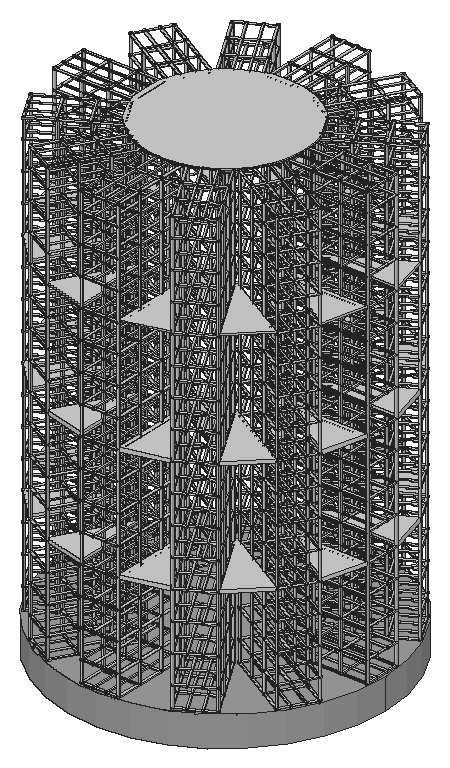
Revit family "WD", category Specialty Equipment, Revit 2012
Parameters (values of type "Circular Wire Wine Display (Default)")
  URL = "http://www.madixinc.com/display/maxiline/wirewine/index.html"
  Model = "Circular Wire Wine Display"
  Manufacturer = "© 2012 Madix, Inc. All rights reserved."
Reference planes (in)
  plane 1 "Center (Front/Back)": y = 0
  plane 2: z = 0
  plane 3 "Center (Left/Right)": x = 0
  plane 4: x = 2.5
  plane 5: x = -2.5
  plane 6: through (0, 0, 48) normal (0.866, -0.5, 0)
  plane 7: y = -2.5
  plane 8: y = 2.5
  plane 9: through (0, 0, 48) normal (0.5, -0.866, 0)
  plane 10: through (0, 0, 48) normal (0.5, 0.866, 0)
  plane 11: through (0, 0, 48) normal (0.866, 0.5, 0)
  plane 12: through (2.16506, -1.25, 48) normal (0.866, -0.5, 0)
  plane 13: through (-2.16506, 1.25, 48) normal (0.866, -0.5, 0)
  plane 14: through (1.25, -2.16506, 48) normal (0.5, -0.866, 0)
  plane 15: through (-1.25, 2.16506, 48) normal (0.5, -0.866, 0)
  plane 16: through (-2.16506, -1.25, 48) normal (0.866, 0.5, 0)
  plane 17: through (2.16506, 1.25, 48) normal (0.866, 0.5, 0)
  plane 18: through (-1.25, -2.16506, 48) normal (0.5, 0.866, 0)
  plane 19: through (1.25, 2.16506, 48) normal (0.5, 0.866, 0)
  plane 20: z = 62
  plane 21: z = 62.125
  plane 22: z = 4
  plane 23: z = 18.5
  plane 24: z = 33
  plane 25: z = 48
  plane 26: z = 48.5
  plane 27: z = 33.5
  plane 28: z = 18
Forms (in)
  Extrusion 1, solid, material "Wood"
    sketch origin (0, 0, 0) x (1, 0, 0) y (0, 1, 0)
      loop
        circle (0, 0) r 21
    from 0 to 4
  Extrusion 2, solid, material "Metal - Steel"
    sketch origin (0, 0, 0) x (1, 0, 0) y (0, 1, 0)
      loop
        circle (0, 0) r 10.46685
    from 62 to 62.125
  Extrusion 3, solid, material "Metal - Steel"
    sketch origin (0, 0, 0) x (1, 0, 0) y (0, 1, 0)
      loop
        line (-9.85868, -2.80516) -> (-9.94045, -2.5) -> (-20.59885, -2.5) -> (-19.08912, -8.13436) -> (-9.85868, -2.80516)
      loop
        line (-7.35868, -7.13529) -> (-16.58912, -12.46449) -> (-12.46449, -16.58912) -> (-7.13529, -7.35868) -> (-7.35868, -7.13529)
      loop
        line (-2.5, -9.94045) -> (-2.80516, -9.85868) -> (-8.13436, -19.08912) -> (-2.5, -20.59885) -> (-2.5, -9.94045)
      loop
        line (2.5, -9.94045) -> (2.5, -20.59885) -> (8.13436, -19.08912) -> (2.80516, -9.85868) -> (2.5, -9.94045)
      loop
        line (7.35868, -7.13529) -> (7.13529, -7.35868) -> (12.46449, -16.58912) -> (16.58912, -12.46449) -> (7.35868, -7.13529)
      loop
        line (9.85868, -2.80516) -> (19.08912, -8.13436) -> (20.59885, -2.5) -> (9.94045, -2.5) -> (9.85868, -2.80516)
      loop
        line (9.85868, 2.80516) -> (9.94045, 2.5) -> (20.59885, 2.5) -> (19.08912, 8.13436) -> (9.85868, 2.80516)
      loop
        line (7.35868, 7.13529) -> (16.58912, 12.46449) -> (12.46449, 16.58912) -> (7.13529, 7.35868) -> (7.35868, 7.13529)
      loop
        line (2.5, 9.94045) -> (2.80516, 9.85868) -> (8.13436, 19.08912) -> (2.5, 20.59885) -> (2.5, 9.94045)
      loop
        line (-2.5, 9.94045) -> (-2.5, 20.59885) -> (-8.13436, 19.08912) -> (-2.80516, 9.85868) -> (-2.5, 9.94045)
      loop
        line (-7.35868, 7.13529) -> (-7.13529, 7.35868) -> (-12.46449, 16.58912) -> (-16.58912, 12.46449) -> (-7.35868, 7.13529)
      loop
        line (-9.85868, 2.80516) -> (-19.08912, 8.13436) -> (-20.59885, 2.5) -> (-9.94045, 2.5) -> (-9.85868, 2.80516)
    from 48.2674 to 48.5
  Extrusion 4, solid, material "Metal - Steel"
    sketch origin (0, 0, 0) x (1, 0, 0) y (0, 1, 0)
      loop
        line (-9.85868, 2.80516) -> (-19.08912, 8.13436) -> (-20.59885, 2.5) -> (-9.94045, 2.5) -> (-9.85868, 2.80516)
      loop
        line (-7.35868, 7.13529) -> (-7.13529, 7.35868) -> (-12.46449, 16.58912) -> (-16.58912, 12.46449) -> (-7.35868, 7.13529)
      loop
        line (-2.5, 9.94045) -> (-2.5, 20.59885) -> (-8.13436, 19.08912) -> (-2.80516, 9.85868) -> (-2.5, 9.94045)
      loop
        line (2.5, 9.94045) -> (2.80516, 9.85868) -> (8.13436, 19.08912) -> (2.5, 20.59885) -> (2.5, 9.94045)
      loop
        line (7.35868, 7.13529) -> (16.58912, 12.46449) -> (12.46449, 16.58912) -> (7.13529, 7.35868) -> (7.35868, 7.13529)
      loop
        line (9.85868, 2.80516) -> (9.94045, 2.5) -> (20.59885, 2.5) -> (19.08912, 8.13436) -> (9.85868, 2.80516)
      loop
        line (9.85868, -2.80516) -> (19.08912, -8.13436) -> (20.59885, -2.5) -> (9.94045, -2.5) -> (9.85868, -2.80516)
      loop
        line (7.35868, -7.13529) -> (7.13529, -7.35868) -> (12.46449, -16.58912) -> (16.58912, -12.46449) -> (7.35868, -7.13529)
      loop
        line (2.5, -9.94045) -> (2.5, -20.59885) -> (8.13436, -19.08912) -> (2.80516, -9.85868) -> (2.5, -9.94045)
      loop
        line (-2.5, -9.94045) -> (-2.80516, -9.85868) -> (-8.13436, -19.08912) -> (-2.5, -20.59885) -> (-2.5, -9.94045)
      loop
        line (-7.35868, -7.13529) -> (-16.58912, -12.46449) -> (-12.46449, -16.58912) -> (-7.13529, -7.35868) -> (-7.35868, -7.13529)
      loop
        line (-9.85868, -2.80516) -> (-9.94045, -2.5) -> (-20.59885, -2.5) -> (-19.08912, -8.13436) -> (-9.85868, -2.80516)
    from 33.5 to 33
  Extrusion 5, solid, material "Metal - Steel"
    sketch origin (0, 0, 0) x (1, 0, 0) y (0, 1, 0)
      loop
        line (-12.46449, 16.58912) -> (-16.58912, 12.46449) -> (-7.35868, 7.13529) -> (-7.13529, 7.35868) -> (-12.46449, 16.58912)
      loop
        line (-8.13436, 19.08912) -> (-2.80516, 9.85868) -> (-2.5, 9.94045) -> (-2.5, 20.59885) -> (-8.13436, 19.08912)
      loop
        line (8.13436, 19.08912) -> (2.5, 20.59885) -> (2.5, 9.94045) -> (2.80516, 9.85868) -> (8.13436, 19.08912)
      loop
        line (12.46449, 16.58912) -> (7.13529, 7.35868) -> (7.35868, 7.13529) -> (16.58912, 12.46449) -> (12.46449, 16.58912)
      loop
        line (20.59885, 2.5) -> (19.08912, 8.13436) -> (9.85868, 2.80516) -> (9.94045, 2.5) -> (20.59885, 2.5)
      loop
        line (20.59885, -2.5) -> (9.94045, -2.5) -> (9.85868, -2.80516) -> (19.08912, -8.13436) -> (20.59885, -2.5)
      loop
        line (12.46449, -16.58912) -> (16.58912, -12.46449) -> (7.35868, -7.13529) -> (7.13529, -7.35868) -> (12.46449, -16.58912)
      loop
        line (8.13436, -19.08912) -> (2.80516, -9.85868) -> (2.5, -9.94045) -> (2.5, -20.59885) -> (8.13436, -19.08912)
      loop
        line (-8.13436, -19.08912) -> (-2.5, -20.59885) -> (-2.5, -9.94045) -> (-2.80516, -9.85868) -> (-8.13436, -19.08912)
      loop
        line (-12.46449, -16.58912) -> (-7.13529, -7.35868) -> (-7.35868, -7.13529) -> (-16.58912, -12.46449) -> (-12.46449, -16.58912)
      loop
        line (-20.59885, -2.5) -> (-19.08912, -8.13436) -> (-9.85868, -2.80516) -> (-9.94045, -2.5) -> (-20.59885, -2.5)
      loop
        line (-20.59885, 2.5) -> (-9.94045, 2.5) -> (-9.85868, 2.80516) -> (-19.08912, 8.13436) -> (-20.59885, 2.5)
    from 18 to 18.5
  Extrusion 6, solid, material "Metal - Steel"
    sketch origin (0, 0, 0) x (1, 0, 0) y (0, 1, 0)
      loop
        circle (7.08953, 7.52943) r 0.125
      loop
        circle (12.30113, 16.55618) r 0.125
      loop
        circle (10.55113, 13.52509) r 0.125
      loop
        circle (8.77703, 10.45227) r 0.125
      loop
        circle (2.97591, 9.90443) r 0.125
      loop
        circle (8.18751, 18.93118) r 0.125
      loop
        circle (6.43751, 15.90009) r 0.125
      loop
        circle (4.66341, 12.82727) r 0.125
      loop
        circle (-7.08953, 7.52943) r 0.125
      loop
        circle (-12.30113, 16.55618) r 0.125
      loop
        circle (-10.55113, 13.52509) r 0.125
      loop
        circle (-8.77703, 10.45227) r 0.125
      loop
        circle (-2.97591, 9.90443) r 0.125
      loop
        circle (-8.18751, 18.93118) r 0.125
      loop
        circle (-6.43751, 15.90009) r 0.125
      loop
        circle (-4.66341, 12.82727) r 0.125
      loop
        circle (7.08953, -7.52943) r 0.125
      loop
        circle (12.30113, -16.55618) r 0.125
      loop
        circle (10.55113, -13.52509) r 0.125
      loop
        circle (8.77703, -10.45227) r 0.125
      loop
        circle (2.97591, -9.90443) r 0.125
      loop
        circle (8.18751, -18.93118) r 0.125
      loop
        circle (6.43751, -15.90009) r 0.125
      loop
        circle (4.66341, -12.82727) r 0.125
      loop
        circle (-7.08953, -7.52943) r 0.125
      loop
        circle (-12.30113, -16.55618) r 0.125
      loop
        circle (-10.55113, -13.52509) r 0.125
      loop
        circle (-8.77703, -10.45227) r 0.125
      loop
        circle (-2.97591, -9.90443) r 0.125
      loop
        circle (-8.18751, -18.93118) r 0.125
      loop
        circle (-6.43751, -15.90009) r 0.125
      loop
        circle (-4.66341, -12.82727) r 0.125
      loop
        circle (-10.06545, -2.375) r 0.125
      loop
        circle (-20.48863, -2.375) r 0.125
      loop
        circle (-16.98863, -2.375) r 0.125
      loop
        circle (-13.44045, -2.375) r 0.125
      loop
        circle (-10.06545, 2.375) r 0.125
      loop
        circle (-20.48863, 2.375) r 0.125
      loop
        circle (-16.98863, 2.375) r 0.125
      loop
        circle (-13.44045, 2.375) r 0.125
      loop
        circle (10.06545, -2.375) r 0.125
      loop
        circle (20.48863, -2.375) r 0.125
      loop
        circle (16.98863, -2.375) r 0.125
      loop
        circle (13.44045, -2.375) r 0.125
      loop
        circle (10.06545, 2.375) r 0.125
      loop
        circle (20.48863, 2.375) r 0.125
      loop
        circle (16.98863, 2.375) r 0.125
      loop
        circle (13.44045, 2.375) r 0.125
      loop
        circle (-9.92293, -2.98659) r 0.125
      loop
        circle (-18.94968, -8.19819) r 0.125
      loop
        circle (-15.91859, -6.44819) r 0.125
      loop
        circle (-12.84577, -4.67409) r 0.125
      loop
        circle (-7.54793, -7.10021) r 0.125
      loop
        circle (-16.57468, -12.31181) r 0.125
      loop
        circle (-13.54359, -10.56181) r 0.125
      loop
        circle (-10.47077, -8.78771) r 0.125
      loop
        circle (2.375, -10.08681) r 0.125
      loop
        circle (2.375, -20.50999) r 0.125
      loop
        circle (2.375, -17.00999) r 0.125
      loop
        circle (2.375, -13.46181) r 0.125
      loop
        circle (-2.375, -10.08681) r 0.125
      loop
        circle (-2.375, -20.50999) r 0.125
      loop
        circle (-2.375, -17.00999) r 0.125
      loop
        circle (-2.375, -13.46181) r 0.125
      loop
        circle (7.54793, -7.10021) r 0.125
      loop
        circle (16.57468, -12.31181) r 0.125
      loop
        circle (13.54359, -10.56181) r 0.125
      loop
        circle (10.47077, -8.78771) r 0.125
      loop
        circle (9.92293, -2.98659) r 0.125
      loop
        circle (18.94968, -8.19819) r 0.125
      loop
        circle (15.91859, -6.44819) r 0.125
      loop
        circle (12.84577, -4.67409) r 0.125
      loop
        circle (7.54793, 7.10021) r 0.125
      loop
        circle (16.57468, 12.31181) r 0.125
      loop
        circle (13.54359, 10.56181) r 0.125
      loop
        circle (10.47077, 8.78771) r 0.125
      loop
        circle (9.92293, 2.98659) r 0.125
      loop
        circle (18.94968, 8.19819) r 0.125
      loop
        circle (15.91859, 6.44819) r 0.125
      loop
        circle (12.84577, 4.67409) r 0.125
      loop
        circle (2.375, 10.08681) r 0.125
      loop
        circle (2.375, 20.50999) r 0.125
      loop
        circle (2.375, 17.00999) r 0.125
      loop
        circle (2.375, 13.46181) r 0.125
      loop
        circle (-2.375, 10.08681) r 0.125
      loop
        circle (-2.375, 20.50999) r 0.125
      loop
        circle (-2.375, 17.00999) r 0.125
      loop
        circle (-2.375, 13.46181) r 0.125
      loop
        circle (-9.92293, 2.98659) r 0.125
      loop
        circle (-18.94968, 8.19819) r 0.125
      loop
        circle (-15.91859, 6.44819) r 0.125
      loop
        circle (-12.84577, 4.67409) r 0.125
      loop
        circle (-7.54793, 7.10021) r 0.125
      loop
        circle (-16.57468, 12.31181) r 0.125
      loop
        circle (-13.54359, 10.56181) r 0.125
      loop
        circle (-10.47077, 8.78771) r 0.125
    from 4 to 62
  Sweep 7, solid, material "Metal - Steel"
    path origin (0, 0, 0) x (1, 0, 0) y (0, 1, 0)
      loop
        line (-2.5, 20.59885) -> (2.5, 20.59885)
    profile origin (0, 20.59885, 0) x (0, 1, 0) y (0, 0, 1)
      loop
        circle (-10.51322, 4.125) r 0.125
      loop
        circle (-7.01322, 4.125) r 0.12412
      loop
        circle (-3.46385, 4.125) r 0.125
      loop
        circle (-0.08885, 4.125) r 0.125
      loop
        circle (-10.51322, 6.875) r 0.125
      loop
        circle (-7.01322, 6.875) r 0.12412
      loop
        circle (-3.46385, 6.875) r 0.125
      loop
        circle (-0.08885, 6.875) r 0.125
      loop
        circle (-10.51322, 10.625) r 0.125
      loop
        circle (-7.01322, 10.625) r 0.12412
      loop
        circle (-3.46385, 10.625) r 0.125
      loop
        circle (-0.08885, 10.625) r 0.125
      loop
        circle (-10.51322, 14.375) r 0.125
      loop
        circle (-7.01322, 14.375) r 0.12412
      loop
        circle (-3.46385, 14.375) r 0.125
      loop
        circle (-0.08885, 14.375) r 0.125
      loop
        circle (-10.51322, 18.125) r 0.125
      loop
        circle (-7.01322, 18.125) r 0.12412
      loop
        circle (-3.46385, 18.125) r 0.125
      loop
        circle (-0.08885, 18.125) r 0.125
      loop
        circle (-10.51322, 21.875) r 0.125
      loop
        circle (-7.01322, 21.875) r 0.12412
      loop
        circle (-3.46385, 21.875) r 0.125
      loop
        circle (-0.08885, 21.875) r 0.125
      loop
        circle (-10.51322, 25.625) r 0.125
      loop
        circle (-7.01322, 25.625) r 0.12412
      loop
        circle (-3.46385, 25.625) r 0.125
      loop
        circle (-0.08885, 25.625) r 0.125
      loop
        circle (-10.51322, 29.375) r 0.125
      loop
        circle (-7.01322, 29.375) r 0.12412
      loop
        circle (-3.46385, 29.375) r 0.125
      loop
        circle (-0.08885, 29.375) r 0.125
      loop
        circle (-10.51322, 33.125) r 0.125
      loop
        circle (-7.01322, 33.125) r 0.12412
      loop
        circle (-3.46385, 33.125) r 0.125
      loop
        circle (-0.08885, 33.125) r 0.125
      loop
        circle (-10.51322, 36.875) r 0.125
      loop
        circle (-7.01322, 36.875) r 0.12412
      loop
        circle (-3.46385, 36.875) r 0.125
      loop
        circle (-0.08885, 36.875) r 0.125
      loop
        circle (-10.51322, 40.625) r 0.125
      loop
        circle (-7.01322, 40.625) r 0.12412
      loop
        circle (-3.46385, 40.625) r 0.125
      loop
        circle (-0.08885, 40.625) r 0.125
      loop
        circle (-10.51322, 44.375) r 0.125
      loop
        circle (-7.01322, 44.375) r 0.12412
      loop
        circle (-3.46385, 44.375) r 0.125
      loop
        circle (-0.08885, 44.375) r 0.125
      loop
        circle (-10.51322, 48.125) r 0.125
      loop
        circle (-7.01322, 48.125) r 0.12412
      loop
        circle (-3.46385, 48.125) r 0.125
      loop
        circle (-0.08885, 48.125) r 0.125
      loop
        circle (-10.51322, 51.875) r 0.125
      loop
        circle (-7.01322, 51.875) r 0.12412
      loop
        circle (-3.46385, 51.875) r 0.125
      loop
        circle (-0.08885, 51.875) r 0.125
      loop
        circle (-10.51322, 55.625) r 0.125
      loop
        circle (-7.01322, 55.625) r 0.12412
      loop
        circle (-3.46385, 55.625) r 0.125
      loop
        circle (-0.08885, 55.625) r 0.125
      loop
        circle (-10.51322, 59.375) r 0.125
      loop
        circle (-7.01322, 59.375) r 0.12412
      loop
        circle (-3.46385, 59.375) r 0.125
      loop
        circle (-0.08885, 59.375) r 0.125
      loop
        circle (-10.51322, 61.875) r 0.125
      loop
        circle (-7.01322, 61.875) r 0.12412
      loop
        circle (-3.46385, 61.875) r 0.125
      loop
        circle (-0.08885, 61.875) r 0.125
  Sweep 8, solid, material "Metal - Steel"
    path origin (0.01032, -0.01787, 0) x (0.866025, 0.5, 0) y (-0.5, 0.866025, 0)
      loop
        line (-2.5, 20.59885) -> (2.5, 20.59885)
    profile origin (-10.28911, 17.82125, 0) x (-0.5, 0.866025, 0) y (0, 0, 1)
      loop
        circle (-10.51322, 4.125) r 0.125
      loop
        circle (-7.01322, 4.125) r 0.12412
      loop
        circle (-3.46385, 4.125) r 0.125
      loop
        circle (-0.08885, 4.125) r 0.125
      loop
        circle (-10.51322, 6.875) r 0.125
      loop
        circle (-7.01322, 6.875) r 0.12412
      loop
        circle (-3.46385, 6.875) r 0.125
      loop
        circle (-0.08885, 6.875) r 0.125
      loop
        circle (-10.51322, 10.625) r 0.125
      loop
        circle (-7.01322, 10.625) r 0.12412
      loop
        circle (-3.46385, 10.625) r 0.125
      loop
        circle (-0.08885, 10.625) r 0.125
      loop
        circle (-10.51322, 14.375) r 0.125
      loop
        circle (-7.01322, 14.375) r 0.12412
      loop
        circle (-3.46385, 14.375) r 0.125
      loop
        circle (-0.08885, 14.375) r 0.125
      loop
        circle (-10.51322, 18.125) r 0.125
      loop
        circle (-7.01322, 18.125) r 0.12412
      loop
        circle (-3.46385, 18.125) r 0.125
      loop
        circle (-0.08885, 18.125) r 0.125
      loop
        circle (-10.51322, 21.875) r 0.125
      loop
        circle (-7.01322, 21.875) r 0.12412
      loop
        circle (-3.46385, 21.875) r 0.125
      loop
        circle (-0.08885, 21.875) r 0.125
      loop
        circle (-10.51322, 25.625) r 0.125
      loop
        circle (-7.01322, 25.625) r 0.12412
      loop
        circle (-3.46385, 25.625) r 0.125
      loop
        circle (-0.08885, 25.625) r 0.125
      loop
        circle (-10.51322, 29.375) r 0.125
      loop
        circle (-7.01322, 29.375) r 0.12412
      loop
        circle (-3.46385, 29.375) r 0.125
      loop
        circle (-0.08885, 29.375) r 0.125
      loop
        circle (-10.51322, 33.125) r 0.125
      loop
        circle (-7.01322, 33.125) r 0.12412
      loop
        circle (-3.46385, 33.125) r 0.125
      loop
        circle (-0.08885, 33.125) r 0.125
      loop
        circle (-10.51322, 36.875) r 0.125
      loop
        circle (-7.01322, 36.875) r 0.12412
      loop
        circle (-3.46385, 36.875) r 0.125
      loop
        circle (-0.08885, 36.875) r 0.125
      loop
        circle (-10.51322, 40.625) r 0.125
      loop
        circle (-7.01322, 40.625) r 0.12412
      loop
        circle (-3.46385, 40.625) r 0.125
      loop
        circle (-0.08885, 40.625) r 0.125
      loop
        circle (-10.51322, 44.375) r 0.125
      loop
        circle (-7.01322, 44.375) r 0.12412
      loop
        circle (-3.46385, 44.375) r 0.125
      loop
        circle (-0.08885, 44.375) r 0.125
      loop
        circle (-10.51322, 48.125) r 0.125
      loop
        circle (-7.01322, 48.125) r 0.12412
      loop
        circle (-3.46385, 48.125) r 0.125
      loop
        circle (-0.08885, 48.125) r 0.125
      loop
        circle (-10.51322, 51.875) r 0.125
      loop
        circle (-7.01322, 51.875) r 0.12412
      loop
        circle (-3.46385, 51.875) r 0.125
      loop
        circle (-0.08885, 51.875) r 0.125
      loop
        circle (-10.51322, 55.625) r 0.125
      loop
        circle (-7.01322, 55.625) r 0.12412
      loop
        circle (-3.46385, 55.625) r 0.125
      loop
        circle (-0.08885, 55.625) r 0.125
      loop
        circle (-10.51322, 59.375) r 0.125
      loop
        circle (-7.01322, 59.375) r 0.12412
      loop
        circle (-3.46385, 59.375) r 0.125
      loop
        circle (-0.08885, 59.375) r 0.125
      loop
        circle (-10.51322, 61.875) r 0.125
      loop
        circle (-7.01322, 61.875) r 0.12412
      loop
        circle (-3.46385, 61.875) r 0.125
      loop
        circle (-0.08885, 61.875) r 0.125
  Sweep 9, solid, material "Metal - Steel"
    path origin (0, 0, 0) x (-0.5, 0.866025, 0) y (0.866025, 0.5, 0)
      loop
        line (-2.5, 20.59885) -> (2.5, 20.59885)
    profile origin (17.83912, 10.29942, 0) x (-0.866025, -0.5, 0) y (0, 0, 1)
      loop
        circle (10.51322, 4.125) r 0.125
      loop
        circle (7.01322, 4.125) r 0.12412
      loop
        circle (3.46385, 4.125) r 0.125
      loop
        circle (0.08885, 4.125) r 0.125
      loop
        circle (10.51322, 6.875) r 0.125
      loop
        circle (7.01322, 6.875) r 0.12412
      loop
        circle (3.46385, 6.875) r 0.125
      loop
        circle (0.08885, 6.875) r 0.125
      loop
        circle (10.51322, 10.625) r 0.125
      loop
        circle (7.01322, 10.625) r 0.12412
      loop
        circle (3.46385, 10.625) r 0.125
      loop
        circle (0.08885, 10.625) r 0.125
      loop
        circle (10.51322, 14.375) r 0.125
      loop
        circle (7.01322, 14.375) r 0.12412
      loop
        circle (3.46385, 14.375) r 0.125
      loop
        circle (0.08885, 14.375) r 0.125
      loop
        circle (10.51322, 18.125) r 0.125
      loop
        circle (7.01322, 18.125) r 0.12412
      loop
        circle (3.46385, 18.125) r 0.125
      loop
        circle (0.08885, 18.125) r 0.125
      loop
        circle (10.51322, 21.875) r 0.125
      loop
        circle (7.01322, 21.875) r 0.12412
      loop
        circle (3.46385, 21.875) r 0.125
      loop
        circle (0.08885, 21.875) r 0.125
      loop
        circle (10.51322, 25.625) r 0.125
      loop
        circle (7.01322, 25.625) r 0.12412
      loop
        circle (3.46385, 25.625) r 0.125
      loop
        circle (0.08885, 25.625) r 0.125
      loop
        circle (10.51322, 29.375) r 0.125
      loop
        circle (7.01322, 29.375) r 0.12412
      loop
        circle (3.46385, 29.375) r 0.125
      loop
        circle (0.08885, 29.375) r 0.125
      loop
        circle (10.51322, 33.125) r 0.125
      loop
        circle (7.01322, 33.125) r 0.12412
      loop
        circle (3.46385, 33.125) r 0.125
      loop
        circle (0.08885, 33.125) r 0.125
      loop
        circle (10.51322, 36.875) r 0.125
      loop
        circle (7.01322, 36.875) r 0.12412
      loop
        circle (3.46385, 36.875) r 0.125
      loop
        circle (0.08885, 36.875) r 0.125
      loop
        circle (10.51322, 40.625) r 0.125
      loop
        circle (7.01322, 40.625) r 0.12412
      loop
        circle (3.46385, 40.625) r 0.125
      loop
        circle (0.08885, 40.625) r 0.125
      loop
        circle (10.51322, 44.375) r 0.125
      loop
        circle (7.01322, 44.375) r 0.12412
      loop
        circle (3.46385, 44.375) r 0.125
      loop
        circle (0.08885, 44.375) r 0.125
      loop
        circle (10.51322, 48.125) r 0.125
      loop
        circle (7.01322, 48.125) r 0.12412
      loop
        circle (3.46385, 48.125) r 0.125
      loop
        circle (0.08885, 48.125) r 0.125
      loop
        circle (10.51322, 51.875) r 0.125
      loop
        circle (7.01322, 51.875) r 0.12412
      loop
        circle (3.46385, 51.875) r 0.125
      loop
        circle (0.08885, 51.875) r 0.125
      loop
        circle (10.51322, 55.625) r 0.125
      loop
        circle (7.01322, 55.625) r 0.12412
      loop
        circle (3.46385, 55.625) r 0.125
      loop
        circle (0.08885, 55.625) r 0.125
      loop
        circle (10.51322, 59.375) r 0.125
      loop
        circle (7.01322, 59.375) r 0.12412
      loop
        circle (3.46385, 59.375) r 0.125
      loop
        circle (0.08885, 59.375) r 0.125
      loop
        circle (10.51322, 61.875) r 0.125
      loop
        circle (7.01322, 61.875) r 0.12412
      loop
        circle (3.46385, 61.875) r 0.125
      loop
        circle (0.08885, 61.875) r 0.125
  Sweep 10, solid, material "Metal - Steel"
    path origin (-0.02064, 0, 0) x (0, 1, 0) y (1, 0, 0)
      loop
        line (-2.5, 20.59885) -> (2.5, 20.59885)
    profile origin (20.57821, 0, 0) x (-1, 0, 0) y (0, 0, 1)
      loop
        circle (10.51322, 4.125) r 0.125
      loop
        circle (7.01322, 4.125) r 0.12412
      loop
        circle (3.46385, 4.125) r 0.125
      loop
        circle (0.08885, 4.125) r 0.125
      loop
        circle (10.51322, 6.875) r 0.125
      loop
        circle (7.01322, 6.875) r 0.12412
      loop
        circle (3.46385, 6.875) r 0.125
      loop
        circle (0.08885, 6.875) r 0.125
      loop
        circle (10.51322, 10.625) r 0.125
      loop
        circle (7.01322, 10.625) r 0.12412
      loop
        circle (3.46385, 10.625) r 0.125
      loop
        circle (0.08885, 10.625) r 0.125
      loop
        circle (10.51322, 14.375) r 0.125
      loop
        circle (7.01322, 14.375) r 0.12412
      loop
        circle (3.46385, 14.375) r 0.125
      loop
        circle (0.08885, 14.375) r 0.125
      loop
        circle (10.51322, 18.125) r 0.125
      loop
        circle (7.01322, 18.125) r 0.12412
      loop
        circle (3.46385, 18.125) r 0.125
      loop
        circle (0.08885, 18.125) r 0.125
      loop
        circle (10.51322, 21.875) r 0.125
      loop
        circle (7.01322, 21.875) r 0.12412
      loop
        circle (3.46385, 21.875) r 0.125
      loop
        circle (0.08885, 21.875) r 0.125
      loop
        circle (10.51322, 25.625) r 0.125
      loop
        circle (7.01322, 25.625) r 0.12412
      loop
        circle (3.46385, 25.625) r 0.125
      loop
        circle (0.08885, 25.625) r 0.125
      loop
        circle (10.51322, 29.375) r 0.125
      loop
        circle (7.01322, 29.375) r 0.12412
      loop
        circle (3.46385, 29.375) r 0.125
      loop
        circle (0.08885, 29.375) r 0.125
      loop
        circle (10.51322, 33.125) r 0.125
      loop
        circle (7.01322, 33.125) r 0.12412
      loop
        circle (3.46385, 33.125) r 0.125
      loop
        circle (0.08885, 33.125) r 0.125
      loop
        circle (10.51322, 36.875) r 0.125
      loop
        circle (7.01322, 36.875) r 0.12412
      loop
        circle (3.46385, 36.875) r 0.125
      loop
        circle (0.08885, 36.875) r 0.125
      loop
        circle (10.51322, 40.625) r 0.125
      loop
        circle (7.01322, 40.625) r 0.12412
      loop
        circle (3.46385, 40.625) r 0.125
      loop
        circle (0.08885, 40.625) r 0.125
      loop
        circle (10.51322, 44.375) r 0.125
      loop
        circle (7.01322, 44.375) r 0.12412
      loop
        circle (3.46385, 44.375) r 0.125
      loop
        circle (0.08885, 44.375) r 0.125
      loop
        circle (10.51322, 48.125) r 0.125
      loop
        circle (7.01322, 48.125) r 0.12412
      loop
        circle (3.46385, 48.125) r 0.125
      loop
        circle (0.08885, 48.125) r 0.125
      loop
        circle (10.51322, 51.875) r 0.125
      loop
        circle (7.01322, 51.875) r 0.12412
      loop
        circle (3.46385, 51.875) r 0.125
      loop
        circle (0.08885, 51.875) r 0.125
      loop
        circle (10.51322, 55.625) r 0.125
      loop
        circle (7.01322, 55.625) r 0.12412
      loop
        circle (3.46385, 55.625) r 0.125
      loop
        circle (0.08885, 55.625) r 0.125
      loop
        circle (10.51322, 59.375) r 0.125
      loop
        circle (7.01322, 59.375) r 0.12412
      loop
        circle (3.46385, 59.375) r 0.125
      loop
        circle (0.08885, 59.375) r 0.125
      loop
        circle (10.51322, 61.875) r 0.125
      loop
        circle (7.01322, 61.875) r 0.12412
      loop
        circle (3.46385, 61.875) r 0.125
      loop
        circle (0.08885, 61.875) r 0.125
  Sweep 11, solid, material "Metal - Steel"
    path origin (0, 0, 0) x (-1, 0, 0) y (0, -1, 0)
      loop
        line (-2.5, 20.59885) -> (2.5, 20.59885)
    profile origin (0, -20.59885, 0) x (0, -1, 0) y (0, 0, 1)
      loop
        circle (-10.51322, 4.125) r 0.125
      loop
        circle (-7.01322, 4.125) r 0.12412
      loop
        circle (-3.46385, 4.125) r 0.125
      loop
        circle (-0.08885, 4.125) r 0.125
      loop
        circle (-10.51322, 6.875) r 0.125
      loop
        circle (-7.01322, 6.875) r 0.12412
      loop
        circle (-3.46385, 6.875) r 0.125
      loop
        circle (-0.08885, 6.875) r 0.125
      loop
        circle (-10.51322, 10.625) r 0.125
      loop
        circle (-7.01322, 10.625) r 0.12412
      loop
        circle (-3.46385, 10.625) r 0.125
      loop
        circle (-0.08885, 10.625) r 0.125
      loop
        circle (-10.51322, 14.375) r 0.125
      loop
        circle (-7.01322, 14.375) r 0.12412
      loop
        circle (-3.46385, 14.375) r 0.125
      loop
        circle (-0.08885, 14.375) r 0.125
      loop
        circle (-10.51322, 18.125) r 0.125
      loop
        circle (-7.01322, 18.125) r 0.12412
      loop
        circle (-3.46385, 18.125) r 0.125
      loop
        circle (-0.08885, 18.125) r 0.125
      loop
        circle (-10.51322, 21.875) r 0.125
      loop
        circle (-7.01322, 21.875) r 0.12412
      loop
        circle (-3.46385, 21.875) r 0.125
      loop
        circle (-0.08885, 21.875) r 0.125
      loop
        circle (-10.51322, 25.625) r 0.125
      loop
        circle (-7.01322, 25.625) r 0.12412
      loop
        circle (-3.46385, 25.625) r 0.125
      loop
        circle (-0.08885, 25.625) r 0.125
      loop
        circle (-10.51322, 29.375) r 0.125
      loop
        circle (-7.01322, 29.375) r 0.12412
      loop
        circle (-3.46385, 29.375) r 0.125
      loop
        circle (-0.08885, 29.375) r 0.125
      loop
        circle (-10.51322, 33.125) r 0.125
      loop
        circle (-7.01322, 33.125) r 0.12412
      loop
        circle (-3.46385, 33.125) r 0.125
      loop
        circle (-0.08885, 33.125) r 0.125
      loop
        circle (-10.51322, 36.875) r 0.125
      loop
        circle (-7.01322, 36.875) r 0.12412
      loop
        circle (-3.46385, 36.875) r 0.125
      loop
        circle (-0.08885, 36.875) r 0.125
      loop
        circle (-10.51322, 40.625) r 0.125
      loop
        circle (-7.01322, 40.625) r 0.12412
      loop
        circle (-3.46385, 40.625) r 0.125
      loop
        circle (-0.08885, 40.625) r 0.125
      loop
        circle (-10.51322, 44.375) r 0.125
      loop
        circle (-7.01322, 44.375) r 0.12412
      loop
        circle (-3.46385, 44.375) r 0.125
      loop
        circle (-0.08885, 44.375) r 0.125
      loop
        circle (-10.51322, 48.125) r 0.125
      loop
        circle (-7.01322, 48.125) r 0.12412
      loop
        circle (-3.46385, 48.125) r 0.125
      loop
        circle (-0.08885, 48.125) r 0.125
      loop
        circle (-10.51322, 51.875) r 0.125
      loop
        circle (-7.01322, 51.875) r 0.12412
      loop
        circle (-3.46385, 51.875) r 0.125
      loop
        circle (-0.08885, 51.875) r 0.125
      loop
        circle (-10.51322, 55.625) r 0.125
      loop
        circle (-7.01322, 55.625) r 0.12412
      loop
        circle (-3.46385, 55.625) r 0.125
      loop
        circle (-0.08885, 55.625) r 0.125
      loop
        circle (-10.51322, 59.375) r 0.125
      loop
        circle (-7.01322, 59.375) r 0.12412
      loop
        circle (-3.46385, 59.375) r 0.125
      loop
        circle (-0.08885, 59.375) r 0.125
      loop
        circle (-10.51322, 61.875) r 0.125
      loop
        circle (-7.01322, 61.875) r 0.12412
      loop
        circle (-3.46385, 61.875) r 0.125
      loop
        circle (-0.08885, 61.875) r 0.125
  Sweep 12, solid, material "Metal - Steel"
    path origin (-0.01032, 0.01787, 0) x (-0.866025, -0.5, 0) y (0.5, -0.866025, 0)
      loop
        line (-2.5, 20.59885) -> (2.5, 20.59885)
    profile origin (10.28911, -17.82125, 0) x (0.5, -0.866025, 0) y (0, 0, 1)
      loop
        circle (-10.51322, 4.125) r 0.125
      loop
        circle (-7.01322, 4.125) r 0.12412
      loop
        circle (-3.46385, 4.125) r 0.125
      loop
        circle (-0.08885, 4.125) r 0.125
      loop
        circle (-10.51322, 6.875) r 0.125
      loop
        circle (-7.01322, 6.875) r 0.12412
      loop
        circle (-3.46385, 6.875) r 0.125
      loop
        circle (-0.08885, 6.875) r 0.125
      loop
        circle (-10.51322, 10.625) r 0.125
      loop
        circle (-7.01322, 10.625) r 0.12412
      loop
        circle (-3.46385, 10.625) r 0.125
      loop
        circle (-0.08885, 10.625) r 0.125
      loop
        circle (-10.51322, 14.375) r 0.125
      loop
        circle (-7.01322, 14.375) r 0.12412
      loop
        circle (-3.46385, 14.375) r 0.125
      loop
        circle (-0.08885, 14.375) r 0.125
      loop
        circle (-10.51322, 18.125) r 0.125
      loop
        circle (-7.01322, 18.125) r 0.12412
      loop
        circle (-3.46385, 18.125) r 0.125
      loop
        circle (-0.08885, 18.125) r 0.125
      loop
        circle (-10.51322, 21.875) r 0.125
      loop
        circle (-7.01322, 21.875) r 0.12412
      loop
        circle (-3.46385, 21.875) r 0.125
      loop
        circle (-0.08885, 21.875) r 0.125
      loop
        circle (-10.51322, 25.625) r 0.125
      loop
        circle (-7.01322, 25.625) r 0.12412
      loop
        circle (-3.46385, 25.625) r 0.125
      loop
        circle (-0.08885, 25.625) r 0.125
      loop
        circle (-10.51322, 29.375) r 0.125
      loop
        circle (-7.01322, 29.375) r 0.12412
      loop
        circle (-3.46385, 29.375) r 0.125
      loop
        circle (-0.08885, 29.375) r 0.125
      loop
        circle (-10.51322, 33.125) r 0.125
      loop
        circle (-7.01322, 33.125) r 0.12412
      loop
        circle (-3.46385, 33.125) r 0.125
      loop
        circle (-0.08885, 33.125) r 0.125
      loop
        circle (-10.51322, 36.875) r 0.125
      loop
        circle (-7.01322, 36.875) r 0.12412
      loop
        circle (-3.46385, 36.875) r 0.125
      loop
        circle (-0.08885, 36.875) r 0.125
      loop
        circle (-10.51322, 40.625) r 0.125
      loop
        circle (-7.01322, 40.625) r 0.12412
      loop
        circle (-3.46385, 40.625) r 0.125
      loop
        circle (-0.08885, 40.625) r 0.125
      loop
        circle (-10.51322, 44.375) r 0.125
      loop
        circle (-7.01322, 44.375) r 0.12412
      loop
        circle (-3.46385, 44.375) r 0.125
      loop
        circle (-0.08885, 44.375) r 0.125
      loop
        circle (-10.51322, 48.125) r 0.125
      loop
        circle (-7.01322, 48.125) r 0.12412
      loop
        circle (-3.46385, 48.125) r 0.125
      loop
        circle (-0.08885, 48.125) r 0.125
      loop
        circle (-10.51322, 51.875) r 0.125
      loop
        circle (-7.01322, 51.875) r 0.12412
      loop
        circle (-3.46385, 51.875) r 0.125
      loop
        circle (-0.08885, 51.875) r 0.125
      loop
        circle (-10.51322, 55.625) r 0.125
      loop
        circle (-7.01322, 55.625) r 0.12412
      loop
        circle (-3.46385, 55.625) r 0.125
      loop
        circle (-0.08885, 55.625) r 0.125
      loop
        circle (-10.51322, 59.375) r 0.125
      loop
        circle (-7.01322, 59.375) r 0.12412
      loop
        circle (-3.46385, 59.375) r 0.125
      loop
        circle (-0.08885, 59.375) r 0.125
      loop
        circle (-10.51322, 61.875) r 0.125
      loop
        circle (-7.01322, 61.875) r 0.12412
      loop
        circle (-3.46385, 61.875) r 0.125
      loop
        circle (-0.08885, 61.875) r 0.125
  Sweep 13, solid, material "Metal - Steel"
    path origin (0, 0, 0) x (0.5, -0.866025, 0) y (-0.866025, -0.5, 0)
      loop
        line (-2.5, 20.59885) -> (2.5, 20.59885)
    profile origin (-17.83912, -10.29942, 0) x (0.866025, 0.5, 0) y (0, 0, 1)
      loop
        circle (10.51322, 4.125) r 0.125
      loop
        circle (7.01322, 4.125) r 0.12412
      loop
        circle (3.46385, 4.125) r 0.125
      loop
        circle (0.08885, 4.125) r 0.125
      loop
        circle (10.51322, 6.875) r 0.125
      loop
        circle (7.01322, 6.875) r 0.12412
      loop
        circle (3.46385, 6.875) r 0.125
      loop
        circle (0.08885, 6.875) r 0.125
      loop
        circle (10.51322, 10.625) r 0.125
      loop
        circle (7.01322, 10.625) r 0.12412
      loop
        circle (3.46385, 10.625) r 0.125
      loop
        circle (0.08885, 10.625) r 0.125
      loop
        circle (10.51322, 14.375) r 0.125
      loop
        circle (7.01322, 14.375) r 0.12412
      loop
        circle (3.46385, 14.375) r 0.125
      loop
        circle (0.08885, 14.375) r 0.125
      loop
        circle (10.51322, 18.125) r 0.125
      loop
        circle (7.01322, 18.125) r 0.12412
      loop
        circle (3.46385, 18.125) r 0.125
      loop
        circle (0.08885, 18.125) r 0.125
      loop
        circle (10.51322, 21.875) r 0.125
      loop
        circle (7.01322, 21.875) r 0.12412
      loop
        circle (3.46385, 21.875) r 0.125
      loop
        circle (0.08885, 21.875) r 0.125
      loop
        circle (10.51322, 25.625) r 0.125
      loop
        circle (7.01322, 25.625) r 0.12412
      loop
        circle (3.46385, 25.625) r 0.125
      loop
        circle (0.08885, 25.625) r 0.125
      loop
        circle (10.51322, 29.375) r 0.125
      loop
        circle (7.01322, 29.375) r 0.12412
      loop
        circle (3.46385, 29.375) r 0.125
      loop
        circle (0.08885, 29.375) r 0.125
      loop
        circle (10.51322, 33.125) r 0.125
      loop
        circle (7.01322, 33.125) r 0.12412
      loop
        circle (3.46385, 33.125) r 0.125
      loop
        circle (0.08885, 33.125) r 0.125
      loop
        circle (10.51322, 36.875) r 0.125
      loop
        circle (7.01322, 36.875) r 0.12412
      loop
        circle (3.46385, 36.875) r 0.125
      loop
        circle (0.08885, 36.875) r 0.125
      loop
        circle (10.51322, 40.625) r 0.125
      loop
        circle (7.01322, 40.625) r 0.12412
      loop
        circle (3.46385, 40.625) r 0.125
      loop
        circle (0.08885, 40.625) r 0.125
      loop
        circle (10.51322, 44.375) r 0.125
      loop
        circle (7.01322, 44.375) r 0.12412
      loop
        circle (3.46385, 44.375) r 0.125
      loop
        circle (0.08885, 44.375) r 0.125
      loop
        circle (10.51322, 48.125) r 0.125
      loop
        circle (7.01322, 48.125) r 0.12412
      loop
        circle (3.46385, 48.125) r 0.125
      loop
        circle (0.08885, 48.125) r 0.125
      loop
        circle (10.51322, 51.875) r 0.125
      loop
        circle (7.01322, 51.875) r 0.12412
      loop
        circle (3.46385, 51.875) r 0.125
      loop
        circle (0.08885, 51.875) r 0.125
      loop
        circle (10.51322, 55.625) r 0.125
      loop
        circle (7.01322, 55.625) r 0.12412
      loop
        circle (3.46385, 55.625) r 0.125
      loop
        circle (0.08885, 55.625) r 0.125
      loop
        circle (10.51322, 59.375) r 0.125
      loop
        circle (7.01322, 59.375) r 0.12412
      loop
        circle (3.46385, 59.375) r 0.125
      loop
        circle (0.08885, 59.375) r 0.125
      loop
        circle (10.51322, 61.875) r 0.125
      loop
        circle (7.01322, 61.875) r 0.12412
      loop
        circle (3.46385, 61.875) r 0.125
      loop
        circle (0.08885, 61.875) r 0.125
  Sweep 14, solid, material "Metal - Steel"
    path origin (0.02064, 0, 0) x (0, -1, 0) y (-1, 0, 0)
      loop
        line (-2.5, 20.59885) -> (2.5, 20.59885)
    profile origin (-20.57821, 0, 0) x (1, 0, 0) y (0, 0, 1)
      loop
        circle (10.51322, 4.125) r 0.125
      loop
        circle (7.01322, 4.125) r 0.12412
      loop
        circle (3.46385, 4.125) r 0.125
      loop
        circle (0.08885, 4.125) r 0.125
      loop
        circle (10.51322, 6.875) r 0.125
      loop
        circle (7.01322, 6.875) r 0.12412
      loop
        circle (3.46385, 6.875) r 0.125
      loop
        circle (0.08885, 6.875) r 0.125
      loop
        circle (10.51322, 10.625) r 0.125
      loop
        circle (7.01322, 10.625) r 0.12412
      loop
        circle (3.46385, 10.625) r 0.125
      loop
        circle (0.08885, 10.625) r 0.125
      loop
        circle (10.51322, 14.375) r 0.125
      loop
        circle (7.01322, 14.375) r 0.12412
      loop
        circle (3.46385, 14.375) r 0.125
      loop
        circle (0.08885, 14.375) r 0.125
      loop
        circle (10.51322, 18.125) r 0.125
      loop
        circle (7.01322, 18.125) r 0.12412
      loop
        circle (3.46385, 18.125) r 0.125
      loop
        circle (0.08885, 18.125) r 0.125
      loop
        circle (10.51322, 21.875) r 0.125
      loop
        circle (7.01322, 21.875) r 0.12412
      loop
        circle (3.46385, 21.875) r 0.125
      loop
        circle (0.08885, 21.875) r 0.125
      loop
        circle (10.51322, 25.625) r 0.125
      loop
        circle (7.01322, 25.625) r 0.12412
      loop
        circle (3.46385, 25.625) r 0.125
      loop
        circle (0.08885, 25.625) r 0.125
      loop
        circle (10.51322, 29.375) r 0.125
      loop
        circle (7.01322, 29.375) r 0.12412
      loop
        circle (3.46385, 29.375) r 0.125
      loop
        circle (0.08885, 29.375) r 0.125
      loop
        circle (10.51322, 33.125) r 0.125
      loop
        circle (7.01322, 33.125) r 0.12412
      loop
        circle (3.46385, 33.125) r 0.125
      loop
        circle (0.08885, 33.125) r 0.125
      loop
        circle (10.51322, 36.875) r 0.125
      loop
        circle (7.01322, 36.875) r 0.12412
      loop
        circle (3.46385, 36.875) r 0.125
      loop
        circle (0.08885, 36.875) r 0.125
      loop
        circle (10.51322, 40.625) r 0.125
      loop
        circle (7.01322, 40.625) r 0.12412
      loop
        circle (3.46385, 40.625) r 0.125
      loop
        circle (0.08885, 40.625) r 0.125
      loop
        circle (10.51322, 44.375) r 0.125
      loop
        circle (7.01322, 44.375) r 0.12412
      loop
        circle (3.46385, 44.375) r 0.125
      loop
        circle (0.08885, 44.375) r 0.125
      loop
        circle (10.51322, 48.125) r 0.125
      loop
        circle (7.01322, 48.125) r 0.12412
      loop
        circle (3.46385, 48.125) r 0.125
      loop
        circle (0.08885, 48.125) r 0.125
      loop
        circle (10.51322, 51.875) r 0.125
      loop
        circle (7.01322, 51.875) r 0.12412
      loop
        circle (3.46385, 51.875) r 0.125
      loop
        circle (0.08885, 51.875) r 0.125
      loop
        circle (10.51322, 55.625) r 0.125
      loop
        circle (7.01322, 55.625) r 0.12412
      loop
        circle (3.46385, 55.625) r 0.125
      loop
        circle (0.08885, 55.625) r 0.125
      loop
        circle (10.51322, 59.375) r 0.125
      loop
        circle (7.01322, 59.375) r 0.12412
      loop
        circle (3.46385, 59.375) r 0.125
      loop
        circle (0.08885, 59.375) r 0.125
      loop
        circle (10.51322, 61.875) r 0.125
      loop
        circle (7.01322, 61.875) r 0.12412
      loop
        circle (3.46385, 61.875) r 0.125
      loop
        circle (0.08885, 61.875) r 0.125
  Sweep 15, solid, material "Metal - Steel"
    path origin (0, 0, 0) x (0.5, 0.866025, 0) y (-0.866025, 0.5, 0)
      loop
        line (-2.5, 20.59885) -> (2.5, 20.59885)
    profile origin (-17.83912, 10.29942, 0) x (-0.866025, 0.5, 0) y (0, 0, 1)
      loop
        circle (-10.51322, 4.125) r 0.125
      loop
        circle (-7.01322, 4.125) r 0.12412
      loop
        circle (-3.46385, 4.125) r 0.125
      loop
        circle (-0.08885, 4.125) r 0.125
      loop
        circle (-10.51322, 6.875) r 0.125
      loop
        circle (-7.01322, 6.875) r 0.12412
      loop
        circle (-3.46385, 6.875) r 0.125
      loop
        circle (-0.08885, 6.875) r 0.125
      loop
        circle (-10.51322, 10.625) r 0.125
      loop
        circle (-7.01322, 10.625) r 0.12412
      loop
        circle (-3.46385, 10.625) r 0.125
      loop
        circle (-0.08885, 10.625) r 0.125
      loop
        circle (-10.51322, 14.375) r 0.125
      loop
        circle (-7.01322, 14.375) r 0.12412
      loop
        circle (-3.46385, 14.375) r 0.125
      loop
        circle (-0.08885, 14.375) r 0.125
      loop
        circle (-10.51322, 18.125) r 0.125
      loop
        circle (-7.01322, 18.125) r 0.12412
      loop
        circle (-3.46385, 18.125) r 0.125
      loop
        circle (-0.08885, 18.125) r 0.125
      loop
        circle (-10.51322, 21.875) r 0.125
      loop
        circle (-7.01322, 21.875) r 0.12412
      loop
        circle (-3.46385, 21.875) r 0.125
      loop
        circle (-0.08885, 21.875) r 0.125
      loop
        circle (-10.51322, 25.625) r 0.125
      loop
        circle (-7.01322, 25.625) r 0.12412
      loop
        circle (-3.46385, 25.625) r 0.125
      loop
        circle (-0.08885, 25.625) r 0.125
      loop
        circle (-10.51322, 29.375) r 0.125
      loop
        circle (-7.01322, 29.375) r 0.12412
      loop
        circle (-3.46385, 29.375) r 0.125
      loop
        circle (-0.08885, 29.375) r 0.125
      loop
        circle (-10.51322, 33.125) r 0.125
      loop
        circle (-7.01322, 33.125) r 0.12412
      loop
        circle (-3.46385, 33.125) r 0.125
      loop
        circle (-0.08885, 33.125) r 0.125
      loop
        circle (-10.51322, 36.875) r 0.125
      loop
        circle (-7.01322, 36.875) r 0.12412
      loop
        circle (-3.46385, 36.875) r 0.125
      loop
        circle (-0.08885, 36.875) r 0.125
      loop
        circle (-10.51322, 40.625) r 0.125
      loop
        circle (-7.01322, 40.625) r 0.12412
      loop
        circle (-3.46385, 40.625) r 0.125
      loop
        circle (-0.08885, 40.625) r 0.125
      loop
        circle (-10.51322, 44.375) r 0.125
      loop
        circle (-7.01322, 44.375) r 0.12412
      loop
        circle (-3.46385, 44.375) r 0.125
      loop
        circle (-0.08885, 44.375) r 0.125
      loop
        circle (-10.51322, 48.125) r 0.125
      loop
        circle (-7.01322, 48.125) r 0.12412
      loop
        circle (-3.46385, 48.125) r 0.125
      loop
        circle (-0.08885, 48.125) r 0.125
      loop
        circle (-10.51322, 51.875) r 0.125
      loop
        circle (-7.01322, 51.875) r 0.12412
      loop
        circle (-3.46385, 51.875) r 0.125
      loop
        circle (-0.08885, 51.875) r 0.125
      loop
        circle (-10.51322, 55.625) r 0.125
      loop
        circle (-7.01322, 55.625) r 0.12412
      loop
        circle (-3.46385, 55.625) r 0.125
      loop
        circle (-0.08885, 55.625) r 0.125
      loop
        circle (-10.51322, 59.375) r 0.125
      loop
        circle (-7.01322, 59.375) r 0.12412
      loop
        circle (-3.46385, 59.375) r 0.125
      loop
        circle (-0.08885, 59.375) r 0.125
      loop
        circle (-10.51322, 61.875) r 0.125
      loop
        circle (-7.01322, 61.875) r 0.12412
      loop
        circle (-3.46385, 61.875) r 0.125
      loop
        circle (-0.08885, 61.875) r 0.125
  Sweep 16, solid, material "Metal - Steel"
    path origin (-0.01032, -0.01787, 0) x (-0.866025, 0.5, 0) y (0.5, 0.866025, 0)
      loop
        line (-2.5, 20.59885) -> (2.5, 20.59885)
    profile origin (10.28911, 17.82125, 0) x (-0.5, -0.866025, 0) y (0, 0, 1)
      loop
        circle (10.51322, 4.125) r 0.125
      loop
        circle (7.01322, 4.125) r 0.12412
      loop
        circle (3.46385, 4.125) r 0.125
      loop
        circle (0.08885, 4.125) r 0.125
      loop
        circle (10.51322, 6.875) r 0.125
      loop
        circle (7.01322, 6.875) r 0.12412
      loop
        circle (3.46385, 6.875) r 0.125
      loop
        circle (0.08885, 6.875) r 0.125
      loop
        circle (10.51322, 10.625) r 0.125
      loop
        circle (7.01322, 10.625) r 0.12412
      loop
        circle (3.46385, 10.625) r 0.125
      loop
        circle (0.08885, 10.625) r 0.125
      loop
        circle (10.51322, 14.375) r 0.125
      loop
        circle (7.01322, 14.375) r 0.12412
      loop
        circle (3.46385, 14.375) r 0.125
      loop
        circle (0.08885, 14.375) r 0.125
      loop
        circle (10.51322, 18.125) r 0.125
      loop
        circle (7.01322, 18.125) r 0.12412
      loop
        circle (3.46385, 18.125) r 0.125
      loop
        circle (0.08885, 18.125) r 0.125
      loop
        circle (10.51322, 21.875) r 0.125
      loop
        circle (7.01322, 21.875) r 0.12412
      loop
        circle (3.46385, 21.875) r 0.125
      loop
        circle (0.08885, 21.875) r 0.125
      loop
        circle (10.51322, 25.625) r 0.125
      loop
        circle (7.01322, 25.625) r 0.12412
      loop
        circle (3.46385, 25.625) r 0.125
      loop
        circle (0.08885, 25.625) r 0.125
      loop
        circle (10.51322, 29.375) r 0.125
      loop
        circle (7.01322, 29.375) r 0.12412
      loop
        circle (3.46385, 29.375) r 0.125
      loop
        circle (0.08885, 29.375) r 0.125
      loop
        circle (10.51322, 33.125) r 0.125
      loop
        circle (7.01322, 33.125) r 0.12412
      loop
        circle (3.46385, 33.125) r 0.125
      loop
        circle (0.08885, 33.125) r 0.125
      loop
        circle (10.51322, 36.875) r 0.125
      loop
        circle (7.01322, 36.875) r 0.12412
      loop
        circle (3.46385, 36.875) r 0.125
      loop
        circle (0.08885, 36.875) r 0.125
      loop
        circle (10.51322, 40.625) r 0.125
      loop
        circle (7.01322, 40.625) r 0.12412
      loop
        circle (3.46385, 40.625) r 0.125
      loop
        circle (0.08885, 40.625) r 0.125
      loop
        circle (10.51322, 44.375) r 0.125
      loop
        circle (7.01322, 44.375) r 0.12412
      loop
        circle (3.46385, 44.375) r 0.125
      loop
        circle (0.08885, 44.375) r 0.125
      loop
        circle (10.51322, 48.125) r 0.125
      loop
        circle (7.01322, 48.125) r 0.12412
      loop
        circle (3.46385, 48.125) r 0.125
      loop
        circle (0.08885, 48.125) r 0.125
      loop
        circle (10.51322, 51.875) r 0.125
      loop
        circle (7.01322, 51.875) r 0.12412
      loop
        circle (3.46385, 51.875) r 0.125
      loop
        circle (0.08885, 51.875) r 0.125
      loop
        circle (10.51322, 55.625) r 0.125
      loop
        circle (7.01322, 55.625) r 0.12412
      loop
        circle (3.46385, 55.625) r 0.125
      loop
        circle (0.08885, 55.625) r 0.125
      loop
        circle (10.51322, 59.375) r 0.125
      loop
        circle (7.01322, 59.375) r 0.12412
      loop
        circle (3.46385, 59.375) r 0.125
      loop
        circle (0.08885, 59.375) r 0.125
      loop
        circle (10.51322, 61.875) r 0.125
      loop
        circle (7.01322, 61.875) r 0.12412
      loop
        circle (3.46385, 61.875) r 0.125
      loop
        circle (0.08885, 61.875) r 0.125
  Sweep 17, solid, material "Metal - Steel"
    path origin (0, 0, 0) x (-0.5, -0.866025, 0) y (0.866025, -0.5, 0)
      loop
        line (-2.5, 20.59885) -> (2.5, 20.59885)
    profile origin (17.83912, -10.29942, 0) x (0.866025, -0.5, 0) y (0, 0, 1)
      loop
        circle (-10.51322, 4.125) r 0.125
      loop
        circle (-7.01322, 4.125) r 0.12412
      loop
        circle (-3.46385, 4.125) r 0.125
      loop
        circle (-0.08885, 4.125) r 0.125
      loop
        circle (-10.51322, 6.875) r 0.125
      loop
        circle (-7.01322, 6.875) r 0.12412
      loop
        circle (-3.46385, 6.875) r 0.125
      loop
        circle (-0.08885, 6.875) r 0.125
      loop
        circle (-10.51322, 10.625) r 0.125
      loop
        circle (-7.01322, 10.625) r 0.12412
      loop
        circle (-3.46385, 10.625) r 0.125
      loop
        circle (-0.08885, 10.625) r 0.125
      loop
        circle (-10.51322, 14.375) r 0.125
      loop
        circle (-7.01322, 14.375) r 0.12412
      loop
        circle (-3.46385, 14.375) r 0.125
      loop
        circle (-0.08885, 14.375) r 0.125
      loop
        circle (-10.51322, 18.125) r 0.125
      loop
        circle (-7.01322, 18.125) r 0.12412
      loop
        circle (-3.46385, 18.125) r 0.125
      loop
        circle (-0.08885, 18.125) r 0.125
      loop
        circle (-10.51322, 21.875) r 0.125
      loop
        circle (-7.01322, 21.875) r 0.12412
      loop
        circle (-3.46385, 21.875) r 0.125
      loop
        circle (-0.08885, 21.875) r 0.125
      loop
        circle (-10.51322, 25.625) r 0.125
      loop
        circle (-7.01322, 25.625) r 0.12412
      loop
        circle (-3.46385, 25.625) r 0.125
      loop
        circle (-0.08885, 25.625) r 0.125
      loop
        circle (-10.51322, 29.375) r 0.125
      loop
        circle (-7.01322, 29.375) r 0.12412
      loop
        circle (-3.46385, 29.375) r 0.125
      loop
        circle (-0.08885, 29.375) r 0.125
      loop
        circle (-10.51322, 33.125) r 0.125
      loop
        circle (-7.01322, 33.125) r 0.12412
      loop
        circle (-3.46385, 33.125) r 0.125
      loop
        circle (-0.08885, 33.125) r 0.125
      loop
        circle (-10.51322, 36.875) r 0.125
      loop
        circle (-7.01322, 36.875) r 0.12412
      loop
        circle (-3.46385, 36.875) r 0.125
      loop
        circle (-0.08885, 36.875) r 0.125
      loop
        circle (-10.51322, 40.625) r 0.125
      loop
        circle (-7.01322, 40.625) r 0.12412
      loop
        circle (-3.46385, 40.625) r 0.125
      loop
        circle (-0.08885, 40.625) r 0.125
      loop
        circle (-10.51322, 44.375) r 0.125
      loop
        circle (-7.01322, 44.375) r 0.12412
      loop
        circle (-3.46385, 44.375) r 0.125
      loop
        circle (-0.08885, 44.375) r 0.125
      loop
        circle (-10.51322, 48.125) r 0.125
      loop
        circle (-7.01322, 48.125) r 0.12412
      loop
        circle (-3.46385, 48.125) r 0.125
      loop
        circle (-0.08885, 48.125) r 0.125
      loop
        circle (-10.51322, 51.875) r 0.125
      loop
        circle (-7.01322, 51.875) r 0.12412
      loop
        circle (-3.46385, 51.875) r 0.125
      loop
        circle (-0.08885, 51.875) r 0.125
      loop
        circle (-10.51322, 55.625) r 0.125
      loop
        circle (-7.01322, 55.625) r 0.12412
      loop
        circle (-3.46385, 55.625) r 0.125
      loop
        circle (-0.08885, 55.625) r 0.125
      loop
        circle (-10.51322, 59.375) r 0.125
      loop
        circle (-7.01322, 59.375) r 0.12412
      loop
        circle (-3.46385, 59.375) r 0.125
      loop
        circle (-0.08885, 59.375) r 0.125
      loop
        circle (-10.51322, 61.875) r 0.125
      loop
        circle (-7.01322, 61.875) r 0.12412
      loop
        circle (-3.46385, 61.875) r 0.125
      loop
        circle (-0.08885, 61.875) r 0.125
  Sweep 18, solid, material "Metal - Steel"
    path origin (0.01032, 0.01787, 0) x (0.866025, -0.5, 0) y (-0.5, -0.866025, 0)
      loop
        line (-2.5, 20.59885) -> (2.5, 20.59885)
    profile origin (-10.28911, -17.82125, 0) x (0.5, 0.866025, 0) y (0, 0, 1)
      loop
        circle (10.51322, 4.125) r 0.125
      loop
        circle (7.01322, 4.125) r 0.12412
      loop
        circle (3.46385, 4.125) r 0.125
      loop
        circle (0.08885, 4.125) r 0.125
      loop
        circle (10.51322, 6.875) r 0.125
      loop
        circle (7.01322, 6.875) r 0.12412
      loop
        circle (3.46385, 6.875) r 0.125
      loop
        circle (0.08885, 6.875) r 0.125
      loop
        circle (10.51322, 10.625) r 0.125
      loop
        circle (7.01322, 10.625) r 0.12412
      loop
        circle (3.46385, 10.625) r 0.125
      loop
        circle (0.08885, 10.625) r 0.125
      loop
        circle (10.51322, 14.375) r 0.125
      loop
        circle (7.01322, 14.375) r 0.12412
      loop
        circle (3.46385, 14.375) r 0.125
      loop
        circle (0.08885, 14.375) r 0.125
      loop
        circle (10.51322, 18.125) r 0.125
      loop
        circle (7.01322, 18.125) r 0.12412
      loop
        circle (3.46385, 18.125) r 0.125
      loop
        circle (0.08885, 18.125) r 0.125
      loop
        circle (10.51322, 21.875) r 0.125
      loop
        circle (7.01322, 21.875) r 0.12412
      loop
        circle (3.46385, 21.875) r 0.125
      loop
        circle (0.08885, 21.875) r 0.125
      loop
        circle (10.51322, 25.625) r 0.125
      loop
        circle (7.01322, 25.625) r 0.12412
      loop
        circle (3.46385, 25.625) r 0.125
      loop
        circle (0.08885, 25.625) r 0.125
      loop
        circle (10.51322, 29.375) r 0.125
      loop
        circle (7.01322, 29.375) r 0.12412
      loop
        circle (3.46385, 29.375) r 0.125
      loop
        circle (0.08885, 29.375) r 0.125
      loop
        circle (10.51322, 33.125) r 0.125
      loop
        circle (7.01322, 33.125) r 0.12412
      loop
        circle (3.46385, 33.125) r 0.125
      loop
        circle (0.08885, 33.125) r 0.125
      loop
        circle (10.51322, 36.875) r 0.125
      loop
        circle (7.01322, 36.875) r 0.12412
      loop
        circle (3.46385, 36.875) r 0.125
      loop
        circle (0.08885, 36.875) r 0.125
      loop
        circle (10.51322, 40.625) r 0.125
      loop
        circle (7.01322, 40.625) r 0.12412
      loop
        circle (3.46385, 40.625) r 0.125
      loop
        circle (0.08885, 40.625) r 0.125
      loop
        circle (10.51322, 44.375) r 0.125
      loop
        circle (7.01322, 44.375) r 0.12412
      loop
        circle (3.46385, 44.375) r 0.125
      loop
        circle (0.08885, 44.375) r 0.125
      loop
        circle (10.51322, 48.125) r 0.125
      loop
        circle (7.01322, 48.125) r 0.12412
      loop
        circle (3.46385, 48.125) r 0.125
      loop
        circle (0.08885, 48.125) r 0.125
      loop
        circle (10.51322, 51.875) r 0.125
      loop
        circle (7.01322, 51.875) r 0.12412
      loop
        circle (3.46385, 51.875) r 0.125
      loop
        circle (0.08885, 51.875) r 0.125
      loop
        circle (10.51322, 55.625) r 0.125
      loop
        circle (7.01322, 55.625) r 0.12412
      loop
        circle (3.46385, 55.625) r 0.125
      loop
        circle (0.08885, 55.625) r 0.125
      loop
        circle (10.51322, 59.375) r 0.125
      loop
        circle (7.01322, 59.375) r 0.12412
      loop
        circle (3.46385, 59.375) r 0.125
      loop
        circle (0.08885, 59.375) r 0.125
      loop
        circle (10.51322, 61.875) r 0.125
      loop
        circle (7.01322, 61.875) r 0.12412
      loop
        circle (3.46385, 61.875) r 0.125
      loop
        circle (0.08885, 61.875) r 0.125
  Extrusion 19, solid, material "Metal - Steel"
    sketch origin (0, 0, 0) x (1, 0, 0) y (0, 0, 1)
      loop
        circle (0.85825, 61.875) r 0.125
      loop
        circle (-2.39175, 61.875) r 0.125
      loop
        circle (2.39175, 61.875) r 0.125
      loop
        circle (-0.85825, 61.875) r 0.125
      loop
        circle (0.87087, 59.36469) r 0.125
      loop
        circle (-2.37913, 59.36469) r 0.125
      loop
        circle (2.40436, 59.36469) r 0.125
      loop
        circle (-0.84564, 59.36469) r 0.125
      loop
        circle (0.87087, 55.61469) r 0.125
      loop
        circle (-2.37913, 55.61469) r 0.125
      loop
        circle (2.40436, 55.61469) r 0.125
      loop
        circle (-0.84564, 55.61469) r 0.125
      loop
        circle (0.87087, 51.86469) r 0.125
      loop
        circle (-2.37913, 51.86469) r 0.125
      loop
        circle (2.40436, 51.86469) r 0.125
      loop
        circle (-0.84564, 51.86469) r 0.125
      loop
        circle (0.87087, 48.11469) r 0.125
      loop
        circle (-2.37913, 48.11469) r 0.125
      loop
        circle (2.40436, 48.11469) r 0.125
      loop
        circle (-0.84564, 48.11469) r 0.125
      loop
        circle (0.87087, 44.36469) r 0.125
      loop
        circle (-2.37913, 44.36469) r 0.125
      loop
        circle (2.40436, 44.36469) r 0.125
      loop
        circle (-0.84564, 44.36469) r 0.125
      loop
        circle (0.87087, 40.61469) r 0.125
      loop
        circle (-2.37913, 40.61469) r 0.125
      loop
        circle (2.40436, 40.61469) r 0.125
      loop
        circle (-0.84564, 40.61469) r 0.125
      loop
        circle (0.87087, 36.86469) r 0.125
      loop
        circle (-2.37913, 36.86469) r 0.125
      loop
        circle (2.40436, 36.86469) r 0.125
      loop
        circle (-0.84564, 36.86469) r 0.125
      loop
        circle (0.87087, 33.11469) r 0.125
      loop
        circle (-2.37913, 33.11469) r 0.125
      loop
        circle (2.40436, 33.11469) r 0.125
      loop
        circle (-0.84564, 33.11469) r 0.125
      loop
        circle (0.87087, 29.36469) r 0.125
      loop
        circle (-2.37913, 29.36469) r 0.125
      loop
        circle (2.40436, 29.36469) r 0.125
      loop
        circle (-0.84564, 29.36469) r 0.125
      loop
        circle (0.87087, 25.61469) r 0.125
